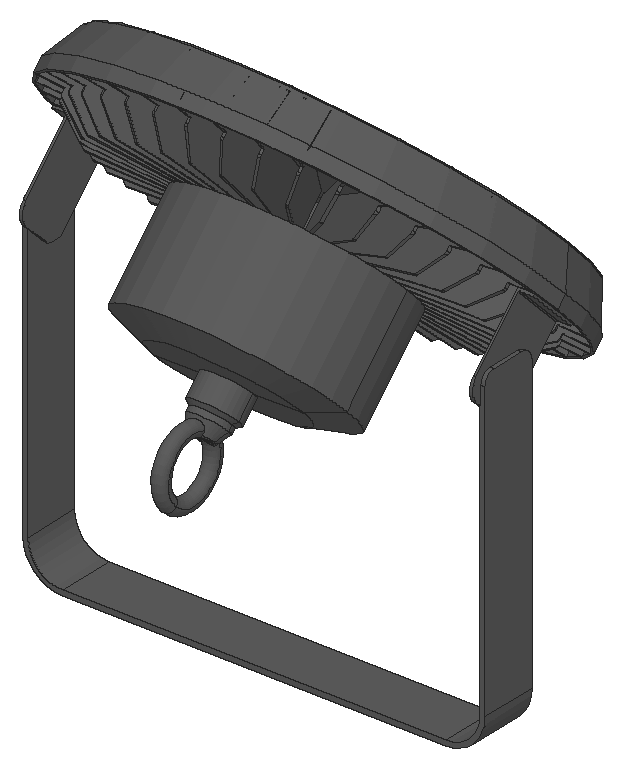
Revit family "0039351+0039354 Feilo Sylvania Lighting Fixture START HIGHBAY 6K 19KLM WIDE with BRACKET", category Lighting Fixtures, host Face, Revit 2017
Family settings
  Host = Face
  Round Connector Dimension = Use Diameter
  Part Type = Normal
  OmniClass Number = 23.80.70.00
  OmniClass Title = Lighting
  Cut with Voids When Loaded = No
  Light Source = No
  Shared = No
  Room Calculation Point = No
Parameters (values of type "0039351+0039354 START HIGHBAY 6K 19KLM WIDE with BRACKET     ")
  Weight = "3.4 kg"
  Wattage Comments = ""
  WarrantyStartDate [instance] = "n/a"
  WarrantyGuarantorParts = "n/a"
  WarrantyDurationUnit = "n/a"
  WarrantyDurationParts = "n/a"
  WarrantyDescription = "n/a"
  Voltage = 230 V
  URL = "http://www.sylvania-lighting.com"
  TypeName = "START HIGHBAY 6K 19KLM WIDE with BRACKET"
  TypeHead_FEILO = Start LED Highbay Head : 0039351+0039354 START HIGHBAY 6K 19KLM WIDE with BRACKET     
  Type Image = <None>
  Type Comments = "n/a"
  TiltAngle_FEILO [instance] = 45.00°
  ThicknessBracketPlate_FEILO = 3 mm
  SizeBracketS_FEILO = no
  SizeBracketM_FEILO = yes
  SerialNumber [instance] = "n/a"
  RadiusBracketTop_FEILO = 7 mm
  RadiusBendOut_FEILO = if(SizeBracketS_FEILO, 18 mm, if(SizeBracketM_FEILO, 24 mm, 28 mm))  # 24 mm
  RadiusBendIn_FEILO = RadiusBendOut_FEILO - ThicknessBracketPlate_FEILO  # 21 mm
  Material_3_FEILO = none
  PowerFactor = 0.95
  PowerConsumption = "150 W"
  NominalLength = 296 mm
  NominalHeight = 177 mm
  NominalDepth = 296 mm
  Name = "START HIGHBAY 6K 19KLM WIDE with BRACKET"
  ModelReference = Name  # "START HIGHBAY 6K 19KLM WIDE with BRACKET"
  ModelNumber = "0039351+0039354"
  Model = Name  # "START HIGHBAY 6K 19KLM WIDE with BRACKET"
  Material = "aluminium alloy housing, polycarbonate diffuser"
  ManufacturerName = "Feilo Sylvania"
  Manufacturer = "Feilo Sylvania"
  LuminousEfficacy = "130 lm/W"
  LuminaireType = ""
  LightOutputRatio = "n/a"
  LampsType = Lamp  # "LED"
  LampNominalLuminous = "19500 lm"
  LampMacAdamStep = "n/a"
  LampColourTemperature = "6500 K"
  LampColourRenderingIndex = "80"
  Lamp = "LED"
  Keynote = "16500"
  InstallationDate [instance] = "n/a"
  InputVoltage = "220-240V~"
  InputNominalFrequency = "50/60 Hz"
  IngressProtection = "IP65"
  ImpactProtectionIndex = "IK08"
  IfcExportType = "IfcLightFixtureType"
  IfcExportAs = "IfcLightFixtureType"
  ExpectedLife = 50000
  EndAngle_FEILO [instance] = TiltAngle_FEILO + 180.00°  # 225.00°
  ElectricShockClassification = "Class I"
  DurationUnit = "hours"
  DocumentationLiterature = "http://www.sylvania-lighting.com/product/en-int/products/0039351"
  DimmingControlOptions = "n/a"
  Material_2_FEILO = none
  Description = "START HIGHBAY, includes 1 m cables, black aluminium housing, 19500LM, 150W, 130lm/W, 6500K, Driver current: 2140mA, CR80, 60° beam angle, 1-10V dimmable,  IP65, IK08, 50,000 hrs (L70B50), (LxWxH) 296x296x177mm"
  Default Elevation = 1219.2 mm
  CreatedOn = "2/28/2018"
  CreatedBy = ""
  Cost = 0
  built-in parameter 1114216 [instance] = (empty or 0)
  ClassificationValue = "EF_70_80"
  ClassificationName = "Uniclass2015"
  Material_1_FEILO = Body-Sylvania-StartHighbay-Black
  BracketHeight_FEILO = if(SizeBracketS_FEILO, 199.5 mm, if(SizeBracketM_FEILO, 209.6 mm, 201.3 mm))  # 209.6 mm
  BracketDistanceInner_FEILO = if(SizeBracketS_FEILO, 249.4 mm, if(SizeBracketM_FEILO, 273.6 mm, 313.2 mm))  # 273.6 mm
  BarCode [instance] = "n/a"
  AssetType = "Fixed"
  AssetIdentifier [instance] = "n/a"
  Assembly Code = "D5020200"
  Apparent Load = 150 VA
  Material_4_FEILO = none
Reference planes
  plane 1 "Center (Front/Back)": y = 0
  plane 2: z = 0
  plane 3 "Center (Left/Right)": x = 0
  plane 4: x = -139.8
  plane 5: x = 139.8
  plane 6: z = 209.6
  plane 7: x = -136.8
  plane 8: z = 3
  plane 9: x = 136.8
  plane 10: y = 17.5
  plane 11: y = -17.5
  plane 12: y = -19.5
  plane 13: z = 211.6
  plane 14: y = 19.5
  plane 15: z = 200.6
Forms (mm)
  Extrusion 1, solid, material "Body-Sylvania-StartHighbay-Black" <- "Material_1_FEILO"
    sketch origin (0, 0, 0) x (1, 0, 0) y (0, 0, 1)
      loop
        line (-139.8, 209.6) -> (-139.8, 24)
        arc (-139.8, 24) -> (-132.771, 7.029) -> (-115.8, 0) r 24
        line (-115.8, 0) -> (115.8, 0)
        arc (115.8, 0) -> (132.771, 7.029) -> (139.8, 24) r 24
        line (139.8, 24) -> (139.8, 209.6) -> (136.8, 209.6) -> (136.8, 24)
        arc (136.8, 24) -> (130.649, 9.151) -> (115.8, 3) r 21
        line (115.8, 3) -> (-115.8, 3)
        arc (-115.8, 3) -> (-130.649, 9.151) -> (-136.8, 24) r 21
        line (-136.8, 24) -> (-136.8, 209.6) -> (-139.8, 209.6)
    from -17.5 to 17.5
  Extrusion 2, void
    sketch origin (0, 0, 0) x (0, 1, 0) y (0, 0, 1)
      loop
        arc (10.5, 209.6) -> (15.45, 207.55) -> (17.5, 202.6) r 7
        line (17.5, 202.6) -> (19.5, 202.6) -> (19.5, 211.6) -> (-19.5, 211.6) -> (-19.5, 202.6) -> (-17.5, 202.6)
        arc (-17.5, 202.6) -> (-15.45, 207.55) -> (-10.5, 209.6) r 7
        line (-10.5, 209.6) -> (10.5, 209.6)
    from -139.8 to 139.8
  Revolve 3, solid, not visible
    sketch origin (1223.4, -4572, 200.6) x (0, -1, 0) y (1, 0, 0)
      loop
        line (-4572, -1223.4) -> (-4591.5, -1223.4) -> (-4591.5, -1277.783) -> (-4572, -1277.783) -> (-4572, -1223.4)
      axis (-4572, -1223.4) -> (-4572, -1277.783)
    angle from 45 <- "TiltAngle_FEILO" to 225 <- "EndAngle_FEILO"
Cuts and joins
  Extrusion 2 cuts Extrusion 1
Dimensions and locks
  "BracketHeight_FEILO": plane 6 to plane 2
  equal spacing: plane 11, plane 1 "Center (Front/Back)", plane 10
  locked: plane 11 to plane 10 at 35
  equal spacing: plane 9, plane 3 "Center (Left/Right)", plane 7
  "BracketDistanceInner_FEILO": plane 9 to plane 7
  "ThicknessBracketPlate_FEILO": plane 7 to plane 4
  "ThicknessBracketPlate_FEILO": plane 8 to plane 2
  equal spacing: plane 5, plane 3 "Center (Left/Right)", plane 4
  equal spacing: plane 12, plane 1 "Center (Front/Back)", plane 14
  locked: plane 6 to plane 13 at 2
  locked: plane 12 to plane 11 at 2
  locked: plane 6 to plane 15 at 9
  "RadiusBendOut_FEILO": radius of Extrusion 1 sketch curve  (x2)
  "RadiusBendIn_FEILO": radius of Extrusion 1 sketch curve  (x2)
  "RadiusBracketTop_FEILO": radius of Extrusion 2 sketch curve  (x2)
  aligned and locked: plane 2 to host face
  aligned and locked: level to host face
  aligned and locked: Extrusion 1 sketch curve to plane 4
  aligned and locked: Extrusion 1 sketch curve to level
  aligned and locked: plane 6 to Extrusion 1 sketch curve
  aligned and locked: Extrusion 1 sketch curve to plane 6
  aligned and locked: Extrusion 1 sketch curve to plane 7
  aligned and locked: plane 9 to Extrusion 1 sketch curve
  aligned and locked: plane 8 to Extrusion 1 sketch curve
  aligned and locked: Extrusion 1 to plane 10
  aligned and locked: plane 11 to Extrusion 1
  aligned and locked: Extrusion 1 to Extrusion 2 sketch curve
  aligned and locked: plane 14 to Extrusion 2 sketch curve  (x2)
  aligned and locked: Extrusion 2 sketch curve to plane 12
  aligned and locked: plane 13 to Extrusion 2 sketch curve
  aligned and locked: plane 5 to Extrusion 2
  aligned and locked: Extrusion 2 to plane 4
  aligned and locked: Revolve 3 sketch curve to plane 1 "Center (Front/Back)"
  aligned and locked: Revolve 3 sketch curve to Revolve 3 sketch curve
  aligned and locked: plane 3 "Center (Left/Right)" to Revolve 3 sketch curve
  aligned and locked: Revolve 3 sketch curve to plane 14
  aligned and locked: nested 1 to plane 3 "Center (Left/Right)"
Automatic sketch dimensions
  host sketch curve to host sketch curve = 2438.4 mm  (x2)
  Revolve 3 sketch curve to Revolve 3 sketch curve = 54.383 mm
  Revolve 3 sketch curve to plane 4 = 1396.3 mm
  plane 5 to Revolve 3 sketch curve = 1396.3 mm
  Extrusion 1 sketch curve to Extrusion 1 sketch curve = 0 mm
  Extrusion 2 sketch curve to plane 11 = 0 mm
  Extrusion 2 sketch curve to plane 10 = 0 mm
Nested families
  nested 1: "Start LED Highbay Head" at (0, 0, 200.6) x (-1, 0, 0) z (0, 0.7071, 0.7071), type <- "TypeHead_FEILO", type "0039351+0039354 START HIGHBAY 6K 19KLM WIDE with BRACKET     "
    with built-in parameter 1114216 (empty or 0)
Connectors
  electrical at (0, 0, 0), driven by "Apparent Load", driven by "PowerFactor", driven by "Voltage"
    settings: index 1, voltage 230 V, apparent load 150 VA, apparent load phase1 0 VA, apparent load phase2 0 VA, apparent load phase3 0 VA, power factor 0.95, load classification "Lighting", number of poles 1, system type 30, power factor state 1, is connector primary yes, connector utility no, sub classification motor no, connector description ""
Definition of nested family "Start LED Highbay Head"
  Parameters (values of type "0039351+0039354+0039358 START HIGHBAY 6K 19KLM WIDE with BRACKET and PC LAMPSHADE TRANSPARENT ")
    X_FEILO = if(SizeS_FEILO, 60.3 mm, if(SizeM_FEILO, 70.4 mm, 83.5 mm))  # 70.4 mm
    WidthStraight_FEILO = if(SizeS_FEILO, 3 mm, if(SizeM_FEILO, 4 mm, 4.7 mm))  # 4 mm
    WidthRingChamfer_FEILO = if(SizeS_FEILO, 10.3 mm, if(SizeM_FEILO, 11.2 mm, 12.9 mm))  # 11.2 mm
    WidthCurved_FEILO = if(SizeS_FEILO, 17.4 mm, if(SizeM_FEILO, 16.4 mm, 26.2 mm))  # 16.4 mm
    WidthCurvedRing_FEILO = if(SizeS_FEILO, 3 mm, if(SizeM_FEILO, 4 mm, 4.7 mm))  # 4 mm
    WidthBracket_FEILO = 40 mm
    Wattage Comments = ""
    Wattage = 150 W
    built-in parameter 1150110 = 1 (stored number, unit not read)
    URL = "http://www.feilosylvania.com"
    Type Image = (empty or 0)
    Type Comments = "n/a"
    built-in parameter 1114217 = 1 (stored number, unit not read)
    Tilt Angle = -90.00°
    ThicknessWall_FEILO = 1.5 mm
    ThicknessBracket_FEILO = 1.5 mm
    ThicknessBracketHalf_FEILO = ThicknessBracket_FEILO / 2  # 0.75 mm
    built-in parameter 1150109 = 1 (stored number, unit not read)
    built-in parameter 1150134 = 1
    built-in parameter 1150113 = 1 (stored number, unit not read)
    SizeS_FEILO = no
    SizeM_FEILO = yes
    ShadeThickness_FEILO = 3 mm
    ShadeSizeSM_FEILO = or(SizeS_FEILO, SizeM_FEILO)  # yes
    ShadeRadiusOut_FEILO = 205 mm
    ShadeRadiusIn_FEILO = if(ShadeSizeSM_FEILO, 95 mm, 121 mm)  # 95 mm
    ShadeRadiusBend_FEILO = if(ShadeSizeSM_FEILO, 210 mm, 210 mm)  # 210 mm
    ShadeOn_FEILO = yes
    ShadeHeight_FEILO = if(ShadeSizeSM_FEILO, 120 mm, 151 mm)  # 120 mm
    Rib4_FEILO = if(SizeS_FEILO, 18.1 mm, if(SizeM_FEILO, 13.6 mm, 14.6 mm))  # 13.6 mm
    Rib3_FEILO = if(SizeS_FEILO, 15.3 mm, if(SizeM_FEILO, 17.6 mm, 20.2 mm))  # 17.6 mm
    Rib2_FEILO = if(SizeS_FEILO, 3.6 mm, if(SizeM_FEILO, 3.9 mm, 4.5 mm))  # 3.9 mm
    Rib1_FEILO = if(SizeS_FEILO, 15.1 mm, if(SizeM_FEILO, 16.5 mm, 19 mm))  # 16.5 mm
    RadiusDiffuser_FEILO = if(SizeS_FEILO, 95.2 mm, if(SizeM_FEILO, 105.3 mm, 120 mm))  # 105.3 mm
    RadiusArrayPost_FEILO = DriverRadius_FEILO - 6 mm  # 61.2 mm
    RHRadius3_FEILO = if(SizeS_FEILO, 6.6 mm, if(SizeM_FEILO, 7.4 mm, 8.6 mm))  # 7.4 mm
    RHRadius2_FEILO = if(SizeS_FEILO, 11 mm, if(SizeM_FEILO, 12 mm, 14 mm))  # 12 mm
    RHRadius1_FEILO = if(SizeS_FEILO, 13.6 mm, if(SizeM_FEILO, 14.9 mm, 17.7 mm))  # 14.9 mm
    RHHeight4_FEILO = if(SizeS_FEILO, 7.3 mm, if(SizeM_FEILO, 8 mm, 9.2 mm))  # 8 mm
    RHHeight3_FEILO = if(SizeS_FEILO, 3.6 mm, if(SizeM_FEILO, 3.7 mm, 4.6 mm))  # 3.7 mm
    RHHeight2_FEILO = if(SizeS_FEILO, 2 mm, if(SizeM_FEILO, 2.2 mm, 2.6 mm))  # 2.2 mm
    RHHeight1_FEILO = if(SizeS_FEILO, 11.8 mm, if(SizeM_FEILO, 15.3 mm, 17.4 mm))  # 15.3 mm
    Photometric Web File = "0039351+0039358.ies"
    Material_5_FEILO = none
    Material_3_FEILO = none
    Model = "START HIGHBAY 6K 19KLM WIDE with BRACKET and PC LAMPSHADE TRANSPARENT"
    Manufacturer = "Feilo Sylvania"
    built-in parameter 1150105 = 10854.2 (stored number, unit not read)
    Lumens = 19500 lm
    built-in parameter 1150115 = 1 (stored number, unit not read)
    built-in parameter 1150137 = (empty or 0)
    built-in parameter 1150139 = (empty or 0)
    built-in parameter 1150112 = 1 (stored number, unit not read)
    built-in parameter 1150114 = 1 (stored number, unit not read)
    Lamp = "LED"
    Keynote = "16500"
    built-in parameter 1150132 = (empty or 0)
    built-in parameter 1150102 = (empty or 0)
    built-in parameter 1150107 = 6500 (stored number, unit not read)
    built-in parameter 1150138 = (empty or 0)
    built-in parameter 1150106 = 108.54 (stored number, unit not read)
    HeightRing_FEILO = if(SizeS_FEILO, 19.8 mm, if(SizeM_FEILO, 32 mm, 36.8 mm))  # 32 mm
    HeightRingChamfer_FEILO = if(SizeS_FEILO, 11.7 mm, if(SizeM_FEILO, 23.2 mm, 26.6 mm))  # 23.2 mm
    EyeThickness_FEILO = if(SizeS_FEILO, 8.4 mm, if(SizeM_FEILO, 9.2 mm, 10.5 mm))  # 9.2 mm
    EyeThicknessHalf_FEILO = EyeThickness_FEILO / 2  # 4.6 mm
    EyeInner_FEILO = if(SizeS_FEILO, 13.8 mm, if(SizeM_FEILO, 15.1 mm, 17.3 mm))  # 15.1 mm
    Emit from Circle Diameter = RadiusDiffuser_FEILO * 2  # 210.6 mm
    Emit Shape Visible in Rendering = no
    built-in parameter 1150104 = 12.077 (stored number, unit not read)
    DriverVerticalStraight_FEILO = if(SizeS_FEILO, 46.5 mm, if(SizeM_FEILO, 49.7 mm, 57 mm))  # 49.7 mm
    DriverVerticalChamfer_FEILO = if(SizeS_FEILO, 7.5 mm, if(SizeM_FEILO, 8.2 mm, 9.5 mm))  # 8.2 mm
    DriverRadius_FEILO = if(SizeS_FEILO, 61.4 mm, if(SizeM_FEILO, 67.2 mm, 76.4 mm))  # 67.2 mm
    DriverRadiusTop_FEILO = if(SizeS_FEILO, 42 mm, if(SizeM_FEILO, 45.3 mm, 52.4 mm))  # 45.3 mm
    DriverBottom_FEILO = if(SizeS_FEILO, 56 mm, if(SizeM_FEILO, 64.5 mm, 74 mm))  # 64.5 mm
    Material_2_FEILO = none
    Radius_FEILO = if(SizeS_FEILO, 135 mm, if(SizeM_FEILO, 148 mm, 169.5 mm))  # 148 mm
    Dimming Lamp Color Temperature Shift = (empty or 0)
    DiameterWire_FEILO = 3 mm
    DiameterWireSupport_FEILO = 10 mm
    Description = "START HIGHBAY, includes 1 m cables, black aluminium housing, 19500LM, 150W, 130lm/W, 6500K, Driver current: 2140mA, CR80, 60° beam angle, 1-10V dimmable,  IP65, IK08, 50,000 hrs (L70B50), (LxWxH) 296x296x177mm"
    Default Elevation = 1219.2 mm
    Cost = 0
    Color Filter = 16777215
    built-in parameter 1114216 [instance] = (empty or 0)
    Material_1_FEILO = none
    built-in parameter 1114218 = 1 (stored number, unit not read)
    built-in parameter 1150133 = 10 (stored number, unit not read)
    Assembly Code = "D5020200"
    Apparent Load = 150 VA
    Material_4_FEILO = none
  Types (36, lengths in mm): name | X_FEILO | WidthStraight_FEILO | WidthRingChamfer_FEILO | WidthCurved_FEILO | WidthCurvedRing_FEILO | Wattage | built-in parameter 1150134 | SizeS_FEILO | SizeM_FEILO | ShadeSizeSM_FEILO | ShadeRadiusIn_FEILO | ShadeOn_FEILO | ShadeHeight_FEILO | Rib4_FEILO | Rib3_FEILO | Rib2_FEILO | Rib1_FEILO | RadiusDiffuser_FEILO | RadiusArrayPost_FEILO | RHRadius3_FEILO | RHRadius2_FEILO | RHRadius1_FEILO | RHHeight4_FEILO | RHHeight3_FEILO | RHHeight2_FEILO | RHHeight1_FEILO | Photometric Web File | Model | built-in parameter 1150105 | Lumens | built-in parameter 1150107 | built-in parameter 1150106 | HeightRing_FEILO | HeightRingChamfer_FEILO | EyeThickness_FEILO | EyeThicknessHalf_FEILO | EyeInner_FEILO | Emit from Circle Diameter | DriverVerticalStraight_FEILO | DriverVerticalChamfer_FEILO | DriverRadius_FEILO | DriverRadiusTop_FEILO | DriverBottom_FEILO | Radius_FEILO | Description | Apparent Load
    0039352+0039355+0039361 START HIGHBAY 6K 26KLM WIDE with BRACKET and PC LAMPSHADE TRANSPARENT | 83.5 | 4.7 | 12.9 | 26.2 | 4.7 | 200 W | 1 | no | no | no | 121 | yes | 151 | 14.6 | 20.2 | 4.5 | 19 | 120 | 70.4 | 8.6 | 14 | 17.7 | 9.2 | 4.6 | 2.6 | 17.4 | "0039352+0039361.ies" | "START HIGHBAY 6K 26KLM WIDE with BRACKET and PC LAMPSHADE TRANSPARENT" | 17911 (stored number, unit not read) | 26000 lm | 6500 (stored number, unit not read) | 179.11 (stored number, unit not read) | 36.8 | 26.6 | 10.5 | 5.25 | 17.3 | 240 | 57 | 9.5 | 76.4 | 52.4 | 74 | 169.5 | "START HIGHBAY, includes 1 m cables, black aluminium housing, 26000LM, 200W, 130lm/W, 6500K, Driver current: 5000mA, CR80, 60° beam angle, 1-10V dimmable,  IP65, IK08, 50,000 hrs (L70B50), (LxWxH) 339x339x194mm" | 200 VA
    0039352+0039355+0039360 START HIGHBAY 6K 26KLM WIDE with BRACKET and ALU SHADE BLACK COLOR | 83.5 | 4.7 | 12.9 | 26.2 | 4.7 | 200 W | 1 | no | no | no | 121 | yes | 151 | 14.6 | 20.2 | 4.5 | 19 | 120 | 70.4 | 8.6 | 14 | 17.7 | 9.2 | 4.6 | 2.6 | 17.4 | "0039352+0039360.ies" | "START HIGHBAY 6K 26KLM WIDE with BRACKET and ALU SHADE BLACK COLOR" | 14870 (stored number, unit not read) | 26000 lm | 6500 (stored number, unit not read) | 148.7 (stored number, unit not read) | 36.8 | 26.6 | 10.5 | 5.25 | 17.3 | 240 | 57 | 9.5 | 76.4 | 52.4 | 74 | 169.5 | "START HIGHBAY, includes 1 m cables, black aluminium housing, 26000LM, 200W, 130lm/W, 6500K, Driver current: 5000mA, CR80, 60° beam angle, 1-10V dimmable,  IP65, IK08, 50,000 hrs (L70B50), (LxWxH) 339x339x194mm" | 200 VA
    0039352+0039355+0039359 START HIGHBAY 6K 26KLM WIDE with BRACKET and ALU SHADE ALU COLOR | 83.5 | 4.7 | 12.9 | 26.2 | 4.7 | 200 W | 1 | no | no | no | 121 | yes | 151 | 14.6 | 20.2 | 4.5 | 19 | 120 | 70.4 | 8.6 | 14 | 17.7 | 9.2 | 4.6 | 2.6 | 17.4 | "0039352+0039359.ies" | "START HIGHBAY 6K 26KLM WIDE with BRACKET and ALU SHADE ALU COLOR" | 14870 (stored number, unit not read) | 26000 lm | 6500 (stored number, unit not read) | 148.7 (stored number, unit not read) | 36.8 | 26.6 | 10.5 | 5.25 | 17.3 | 240 | 57 | 9.5 | 76.4 | 52.4 | 74 | 169.5 | "START HIGHBAY, includes 1 m cables, black aluminium housing, 26000LM, 200W, 130lm/W, 6500K, Driver current: 5000mA, CR80, 60° beam angle, 1-10V dimmable,  IP65, IK08, 50,000 hrs (L70B50), (LxWxH) 339x339x194mm" | 200 VA
    0039352+0039355 START HIGHBAY 6K 26KLM WIDE with BRACKET | 83.5 | 4.7 | 12.9 | 26.2 | 4.7 | 200 W | 1 | no | no | no | 121 | no | 151 | 14.6 | 20.2 | 4.5 | 19 | 120 | 70.4 | 8.6 | 14 | 17.7 | 9.2 | 4.6 | 2.6 | 17.4 | "0039352.ies" | "START HIGHBAY 6K 26KLM WIDE with BRACKET" | 13836.2 (stored number, unit not read) | 26000 lm | 6500 (stored number, unit not read) | 138.36 (stored number, unit not read) | 36.8 | 26.6 | 10.5 | 5.25 | 17.3 | 240 | 57 | 9.5 | 76.4 | 52.4 | 74 | 169.5 | "START HIGHBAY, includes 1 m cables, black aluminium housing, 26000LM, 200W, 130lm/W, 6500K, Driver current: 5000mA, CR80, 60° beam angle, 1-10V dimmable,  IP65, IK08, 50,000 hrs (L70B50), (LxWxH) 339x339x194mm" | 200 VA
    0039351+0039354+0039358 START HIGHBAY 6K 19KLM WIDE with BRACKET and PC LAMPSHADE TRANSPARENT | 70.4 | 4 | 11.2 | 16.4 | 4 | 150 W | 1 | no | yes | yes | 95 | yes | 120 | 13.6 | 17.6 | 3.9 | 16.5 | 105.3 | 61.2 | 7.4 | 12 | 14.9 | 8 | 3.7 | 2.2 | 15.3 | "0039351+0039358.ies" | "START HIGHBAY 6K 19KLM WIDE with BRACKET and PC LAMPSHADE TRANSPARENT" | 10854.2 (stored number, unit not read) | 19500 lm | 6500 (stored number, unit not read) | 108.54 (stored number, unit not read) | 32 | 23.2 | 9.2 | 4.6 | 15.1 | 210.6 | 49.7 | 8.2 | 67.2 | 45.3 | 64.5 | 148 | "START HIGHBAY, includes 1 m cables, black aluminium housing, 19500LM, 150W, 130lm/W, 6500K, Driver current: 2140mA, CR80, 60° beam angle, 1-10V dimmable,  IP65, IK08, 50,000 hrs (L70B50), (LxWxH) 296x296x177mm" | 150 VA
    0039351+0039354+0039357 START HIGHBAY 6K 19KLM WIDE with BRACKET and ALU SHADE BLACK COLOR | 70.4 | 4 | 11.2 | 16.4 | 4 | 150 W | 1 | no | yes | yes | 95 | yes | 120 | 13.6 | 17.6 | 3.9 | 16.5 | 105.3 | 61.2 | 7.4 | 12 | 14.9 | 8 | 3.7 | 2.2 | 15.3 | "0039351+0039357.ies" | "START HIGHBAY 6K 19KLM WIDE with BRACKET and ALU SHADE BLACK COLOR" | 11152.5 (stored number, unit not read) | 19500 lm | 6500 (stored number, unit not read) | 111.52 (stored number, unit not read) | 32 | 23.2 | 9.2 | 4.6 | 15.1 | 210.6 | 49.7 | 8.2 | 67.2 | 45.3 | 64.5 | 148 | "START HIGHBAY, includes 1 m cables, black aluminium housing, 19500LM, 150W, 130lm/W, 6500K, Driver current: 2140mA, CR80, 60° beam angle, 1-10V dimmable,  IP65, IK08, 50,000 hrs (L70B50), (LxWxH) 296x296x177mm" | 150 VA
    0039351+0039354+0039356 START HIGHBAY 6K 19KLM WIDE with BRACKET and ALU SHADE ALU COLOR | 70.4 | 4 | 11.2 | 16.4 | 4 | 150 W | 1 | no | yes | yes | 95 | yes | 120 | 13.6 | 17.6 | 3.9 | 16.5 | 105.3 | 61.2 | 7.4 | 12 | 14.9 | 8 | 3.7 | 2.2 | 15.3 | "0039351+0039356.ies" | "START HIGHBAY 6K 19KLM WIDE with BRACKET and ALU SHADE ALU COLOR" | 11152.5 (stored number, unit not read) | 19500 lm | 6500 (stored number, unit not read) | 111.52 (stored number, unit not read) | 32 | 23.2 | 9.2 | 4.6 | 15.1 | 210.6 | 49.7 | 8.2 | 67.2 | 45.3 | 64.5 | 148 | "START HIGHBAY, includes 1 m cables, black aluminium housing, 19500LM, 150W, 130lm/W, 6500K, Driver current: 2140mA, CR80, 60° beam angle, 1-10V dimmable,  IP65, IK08, 50,000 hrs (L70B50), (LxWxH) 296x296x177mm" | 150 VA
    0039351+0039354 START HIGHBAY 6K 19KLM WIDE with BRACKET | 70.4 | 4 | 11.2 | 16.4 | 4 | 150 W | 1 | no | yes | yes | 95 | no | 120 | 13.6 | 17.6 | 3.9 | 16.5 | 105.3 | 61.2 | 7.4 | 12 | 14.9 | 8 | 3.7 | 2.2 | 15.3 | "0039351.ies" | "START HIGHBAY 6K 19KLM WIDE with BRACKET" | 10377.1 (stored number, unit not read) | 19500 lm | 6500 (stored number, unit not read) | 103.77 (stored number, unit not read) | 32 | 23.2 | 9.2 | 4.6 | 15.1 | 210.6 | 49.7 | 8.2 | 67.2 | 45.3 | 64.5 | 148 | "START HIGHBAY, includes 1 m cables, black aluminium housing, 19500LM, 150W, 130lm/W, 6500K, Driver current: 2140mA, CR80, 60° beam angle, 1-10V dimmable,  IP65, IK08, 50,000 hrs (L70B50), (LxWxH) 296x296x177mm" | 150 VA
    0039350+0039353+0039358 START HIGHBAY 6K 13KLM WIDE with BRACKET and PC LAMPSHADE TRANSPARENT | 60.3 | 3 | 10.3 | 17.4 | 3 | 100 W | 1 | yes | no | yes | 95 | yes | 120 | 18.1 | 15.3 | 3.6 | 15.1 | 95.2 | 55.4 | 6.6 | 11 | 13.6 | 7.3 | 3.6 | 2 | 11.8 | "0039350+0039358.ies" | "START HIGHBAY 6K 13KLM WIDE with BRACKET and PC LAMPSHADE TRANSPARENT" | 7236.1 (stored number, unit not read) | 13000 lm | 6500 (stored number, unit not read) | 72.361 (stored number, unit not read) | 19.8 | 11.7 | 8.4 | 4.2 | 13.8 | 190.4 | 46.5 | 7.5 | 61.4 | 42 | 56 | 135 | "START HIGHBAY, includes 1 m cables, black aluminium housing, 13000LM, 100W, 130lm/W, 6500K, Driver current: 2140mA, CR80, 60° beam angle, 1-10V dimmable,  IP65, IK08, 50,000 hrs (L70B50), (LxWxH) 270x270x170mm" | 100 VA
    0039350+0039353+0039357 START HIGHBAY 6K 13KLM WIDE with BRACKET and ALU SHADE BLACK COLOR | 60.3 | 3 | 10.3 | 17.4 | 3 | 100 W | 1 | yes | no | yes | 95 | yes | 120 | 18.1 | 15.3 | 3.6 | 15.1 | 95.2 | 55.4 | 6.6 | 11 | 13.6 | 7.3 | 3.6 | 2 | 11.8 | "0039350+0039357.ies" | "START HIGHBAY 6K 13KLM WIDE with BRACKET and ALU SHADE BLACK COLOR" | 7435 (stored number, unit not read) | 13000 lm | 6500 (stored number, unit not read) | 74.35 (stored number, unit not read) | 19.8 | 11.7 | 8.4 | 4.2 | 13.8 | 190.4 | 46.5 | 7.5 | 61.4 | 42 | 56 | 135 | "START HIGHBAY, includes 1 m cables, black aluminium housing, 13000LM, 100W, 130lm/W, 6500K, Driver current: 2140mA, CR80, 60° beam angle, 1-10V dimmable,  IP65, IK08, 50,000 hrs (L70B50), (LxWxH) 270x270x170mm" | 100 VA
    0039350+0039353+0039356 START HIGHBAY 6K 13KLM WIDE with BRACKET and ALU SHADE ALU COLOR | 60.3 | 3 | 10.3 | 17.4 | 3 | 100 W | 1 | yes | no | yes | 95 | yes | 120 | 18.1 | 15.3 | 3.6 | 15.1 | 95.2 | 55.4 | 6.6 | 11 | 13.6 | 7.3 | 3.6 | 2 | 11.8 | "0039350+0039356.ies" | "START HIGHBAY 6K 13KLM WIDE with BRACKET and ALU SHADE ALU COLOR" | 7435 (stored number, unit not read) | 13000 lm | 6500 (stored number, unit not read) | 74.35 (stored number, unit not read) | 19.8 | 11.7 | 8.4 | 4.2 | 13.8 | 190.4 | 46.5 | 7.5 | 61.4 | 42 | 56 | 135 | "START HIGHBAY, includes 1 m cables, black aluminium housing, 13000LM, 100W, 130lm/W, 6500K, Driver current: 2140mA, CR80, 60° beam angle, 1-10V dimmable,  IP65, IK08, 50,000 hrs (L70B50), (LxWxH) 270x270x170mm" | 100 VA
    0039350+0039353 START HIGHBAY 6K 13KLM WIDE with BRACKET | 60.3 | 3 | 10.3 | 17.4 | 3 | 100 W | 1 | yes | no | yes | 95 | no | 120 | 18.1 | 15.3 | 3.6 | 15.1 | 95.2 | 55.4 | 6.6 | 11 | 13.6 | 7.3 | 3.6 | 2 | 11.8 | "0039350.ies" | "START HIGHBAY 6K 13KLM WIDE with BRACKET" | 6918.1 (stored number, unit not read) | 13000 lm | 6500 (stored number, unit not read) | 69.181 (stored number, unit not read) | 19.8 | 11.7 | 8.4 | 4.2 | 13.8 | 190.4 | 46.5 | 7.5 | 61.4 | 42 | 56 | 135 | "START HIGHBAY, includes 1 m cables, black aluminium housing, 13000LM, 100W, 130lm/W, 6500K, Driver current: 2140mA, CR80, 60° beam angle, 1-10V dimmable,  IP65, IK08, 50,000 hrs (L70B50), (LxWxH) 270x270x170mm" | 100 VA
    0039349+0039355+0039361 START HIGHBAY 4K 26KLM WIDE with BRACKET and PC LAMPSHADE TRANSPARENT FOR | 83.5 | 4.7 | 12.9 | 26.2 | 4.7 | 200 W | 12 | no | no | no | 121 | yes | 151 | 14.6 | 20.2 | 4.5 | 19 | 120 | 70.4 | 8.6 | 14 | 17.7 | 9.2 | 4.6 | 2.6 | 17.4 | "0039349+0039361.ies" | "START HIGHBAY 4K 26KLM WIDE with BRACKET and PC LAMPSHADE TRANSPARENT FOR" | 17911 (stored number, unit not read) | 26000 lm | 4000 (stored number, unit not read) | 179.11 (stored number, unit not read) | 36.8 | 26.6 | 10.5 | 5.25 | 17.3 | 240 | 57 | 9.5 | 76.4 | 52.4 | 74 | 169.5 | "START HIGHBAY, includes 1 m cables, black aluminium housing, 26000LM, 200W, 130lm/W, 4000K, Driver current: 5000mA, CR80, 90° beam angle, 1-10V dimmable,  IP65, IK08, 50,000 hrs (L70B50), (LxWxH) 339x339x194mm" | 200 VA
    0039349+0039355+0039360 START HIGHBAY 4K 26KLM WIDE with BRACKET and ALU SHADE BLACK COLOR | 83.5 | 4.7 | 12.9 | 26.2 | 4.7 | 200 W | 12 | no | no | no | 121 | yes | 151 | 14.6 | 20.2 | 4.5 | 19 | 120 | 70.4 | 8.6 | 14 | 17.7 | 9.2 | 4.6 | 2.6 | 17.4 | "0039349+0039360.ies" | "START HIGHBAY 4K 26KLM WIDE with BRACKET and ALU SHADE BLACK COLOR" | 14870 (stored number, unit not read) | 26000 lm | 4000 (stored number, unit not read) | 148.7 (stored number, unit not read) | 36.8 | 26.6 | 10.5 | 5.25 | 17.3 | 240 | 57 | 9.5 | 76.4 | 52.4 | 74 | 169.5 | "START HIGHBAY, includes 1 m cables, black aluminium housing, 26000LM, 200W, 130lm/W, 4000K, Driver current: 5000mA, CR80, 90° beam angle, 1-10V dimmable,  IP65, IK08, 50,000 hrs (L70B50), (LxWxH) 339x339x194mm" | 200 VA
    0039349+0039355+0039359 START HIGHBAY 4K 26KLM WIDE with BRACKET and ALU SHADE ALU COLOR | 83.5 | 4.7 | 12.9 | 26.2 | 4.7 | 200 W | 12 | no | no | no | 121 | yes | 151 | 14.6 | 20.2 | 4.5 | 19 | 120 | 70.4 | 8.6 | 14 | 17.7 | 9.2 | 4.6 | 2.6 | 17.4 | "0039349+0039359.ies" | "START HIGHBAY 4K 26KLM WIDE with BRACKET and ALU SHADE ALU COLOR" | 14870 (stored number, unit not read) | 26000 lm | 4000 (stored number, unit not read) | 148.7 (stored number, unit not read) | 36.8 | 26.6 | 10.5 | 5.25 | 17.3 | 240 | 57 | 9.5 | 76.4 | 52.4 | 74 | 169.5 | "START HIGHBAY, includes 1 m cables, black aluminium housing, 26000LM, 200W, 130lm/W, 4000K, Driver current: 5000mA, CR80, 90° beam angle, 1-10V dimmable,  IP65, IK08, 50,000 hrs (L70B50), (LxWxH) 339x339x194mm" | 200 VA
    0039349+0039355 START HIGHBAY 4K 26KLM WIDE with BRACKET | 83.5 | 4.7 | 12.9 | 26.2 | 4.7 | 200 W | 12 | no | no | no | 121 | no | 151 | 14.6 | 20.2 | 4.5 | 19 | 120 | 70.4 | 8.6 | 14 | 17.7 | 9.2 | 4.6 | 2.6 | 17.4 | "0039349.ies" | "START HIGHBAY 4K 26KLM WIDE with BRACKET" | 13836.2 (stored number, unit not read) | 26000 lm | 4000 (stored number, unit not read) | 138.36 (stored number, unit not read) | 36.8 | 26.6 | 10.5 | 5.25 | 17.3 | 240 | 57 | 9.5 | 76.4 | 52.4 | 74 | 169.5 | "START HIGHBAY, includes 1 m cables, black aluminium housing, 26000LM, 200W, 130lm/W, 4000K, Driver current: 5000mA, CR80, 90° beam angle, 1-10V dimmable,  IP65, IK08, 50,000 hrs (L70B50), (LxWxH) 339x339x194mm" | 200 VA
    0039348+0039354+0039358 START HIGHBAY 4K 19KLM WIDE with BRACKET and PC LAMPSHADE TRANSPARENT | 70.4 | 4 | 11.2 | 16.4 | 4 | 150 W | 12 | no | yes | yes | 95 | yes | 120 | 13.6 | 17.6 | 3.9 | 16.5 | 105.3 | 61.2 | 7.4 | 12 | 14.9 | 8 | 3.7 | 2.2 | 15.3 | "0039348+0039358.ies" | "START HIGHBAY 4K 19KLM WIDE with BRACKET and PC LAMPSHADE TRANSPARENT" | 10854.2 (stored number, unit not read) | 19500 lm | 4000 (stored number, unit not read) | 108.54 (stored number, unit not read) | 32 | 23.2 | 9.2 | 4.6 | 15.1 | 210.6 | 49.7 | 8.2 | 67.2 | 45.3 | 64.5 | 148 | "START HIGHBAY, includes 1 m cables, black aluminium housing, 19500LM, 150W, 130lm/W, 4000K, Driver current: 3210mA, CR80, 90° beam angle, 1-10V dimmable,  IP65, IK08, 50,000 hrs (L70B50), (LxWxH) 296x296x177mm" | 150 VA
    0039348+0039354+0039357 START HIGHBAY 4K 19KLM WIDE with BRACKET and ALU SHADE BLACK COLOR | 70.4 | 4 | 11.2 | 16.4 | 4 | 150 W | 12 | no | yes | yes | 95 | yes | 120 | 13.6 | 17.6 | 3.9 | 16.5 | 105.3 | 61.2 | 7.4 | 12 | 14.9 | 8 | 3.7 | 2.2 | 15.3 | "0039348+0039357.ies" | "START HIGHBAY 4K 19KLM WIDE with BRACKET and ALU SHADE BLACK COLOR" | 11152.5 (stored number, unit not read) | 19500 lm | 4000 (stored number, unit not read) | 111.52 (stored number, unit not read) | 32 | 23.2 | 9.2 | 4.6 | 15.1 | 210.6 | 49.7 | 8.2 | 67.2 | 45.3 | 64.5 | 148 | "START HIGHBAY, includes 1 m cables, black aluminium housing, 19500LM, 150W, 130lm/W, 4000K, Driver current: 3210mA, CR80, 90° beam angle, 1-10V dimmable,  IP65, IK08, 50,000 hrs (L70B50), (LxWxH) 296x296x177mm" | 150 VA
    0039348+0039354+0039356 START HIGHBAY 4K 19KLM WIDE with BRACKET and ALU SHADE ALU COLOR | 70.4 | 4 | 11.2 | 16.4 | 4 | 150 W | 12 | no | yes | yes | 95 | yes | 120 | 13.6 | 17.6 | 3.9 | 16.5 | 105.3 | 61.2 | 7.4 | 12 | 14.9 | 8 | 3.7 | 2.2 | 15.3 | "0039348+0039356.ies" | "START HIGHBAY 4K 19KLM WIDE with BRACKET and ALU SHADE ALU COLOR" | 11152.5 (stored number, unit not read) | 19500 lm | 4000 (stored number, unit not read) | 111.52 (stored number, unit not read) | 32 | 23.2 | 9.2 | 4.6 | 15.1 | 210.6 | 49.7 | 8.2 | 67.2 | 45.3 | 64.5 | 148 | "START HIGHBAY, includes 1 m cables, black aluminium housing, 19500LM, 150W, 130lm/W, 4000K, Driver current: 3210mA, CR80, 90° beam angle, 1-10V dimmable,  IP65, IK08, 50,000 hrs (L70B50), (LxWxH) 296x296x177mm" | 150 VA
    0039348+0039354 START HIGHBAY 4K 19KLM WIDE with BRACKET | 70.4 | 4 | 11.2 | 16.4 | 4 | 150 W | 12 | no | yes | yes | 95 | no | 120 | 13.6 | 17.6 | 3.9 | 16.5 | 105.3 | 61.2 | 7.4 | 12 | 14.9 | 8 | 3.7 | 2.2 | 15.3 | "0039348.ies" | "START HIGHBAY 4K 19KLM WIDE with BRACKET" | 10377.1 (stored number, unit not read) | 19500 lm | 4000 (stored number, unit not read) | 103.77 (stored number, unit not read) | 32 | 23.2 | 9.2 | 4.6 | 15.1 | 210.6 | 49.7 | 8.2 | 67.2 | 45.3 | 64.5 | 148 | "START HIGHBAY, includes 1 m cables, black aluminium housing, 19500LM, 150W, 130lm/W, 4000K, Driver current: 3210mA, CR80, 90° beam angle, 1-10V dimmable,  IP65, IK08, 50,000 hrs (L70B50), (LxWxH) 296x296x177mm" | 150 VA
    0039347+0039353+0039358 START HIGHBAY 4K 13KLM WIDE with BRACKET and PC LAMPSHADE TRANSPARENT | 60.3 | 3 | 10.3 | 17.4 | 3 | 100 W | 12 | yes | no | yes | 95 | yes | 120 | 18.1 | 15.3 | 3.6 | 15.1 | 95.2 | 55.4 | 6.6 | 11 | 13.6 | 7.3 | 3.6 | 2 | 11.8 | "0039347+0039358.ies" | "START HIGHBAY 4K 13KLM WIDE with BRACKET and PC LAMPSHADE TRANSPARENT" | 7236.1 (stored number, unit not read) | 13000 lm | 4000 (stored number, unit not read) | 72.361 (stored number, unit not read) | 19.8 | 11.7 | 8.4 | 4.2 | 13.8 | 190.4 | 46.5 | 7.5 | 61.4 | 42 | 56 | 135 | "START HIGHBAY, includes 1 m cables, black aluminium housing, 13000LM, 100W, 130lm/W, 4000K, Driver current: 2140mA, CR80, 90° beam angle, 1-10V dimmable,  IP65, IK08, 50,000 hrs (L70B50), (LxWxH) 270x270x170mm" | 100 VA
    0039347+0039353+0039357 START HIGHBAY 4K 13KLM WIDE with BRACKET and ALU SHADE BLACK COLOR | 60.3 | 3 | 10.3 | 17.4 | 3 | 100 W | 12 | yes | no | yes | 95 | yes | 120 | 18.1 | 15.3 | 3.6 | 15.1 | 95.2 | 55.4 | 6.6 | 11 | 13.6 | 7.3 | 3.6 | 2 | 11.8 | "0039347+0039357.ies" | "START HIGHBAY 4K 13KLM WIDE with BRACKET and ALU SHADE BLACK COLOR" | 7435 (stored number, unit not read) | 13000 lm | 4000 (stored number, unit not read) | 74.35 (stored number, unit not read) | 19.8 | 11.7 | 8.4 | 4.2 | 13.8 | 190.4 | 46.5 | 7.5 | 61.4 | 42 | 56 | 135 | "START HIGHBAY, includes 1 m cables, black aluminium housing, 13000LM, 100W, 130lm/W, 4000K, Driver current: 2140mA, CR80, 90° beam angle, 1-10V dimmable,  IP65, IK08, 50,000 hrs (L70B50), (LxWxH) 270x270x170mm" | 100 VA
    0039347+0039353+0039356 START HIGHBAY 4K 13KLM WIDE with BRACKET and ALU SHADE ALU COLOR | 60.3 | 3 | 10.3 | 17.4 | 3 | 100 W | 12 | yes | no | yes | 95 | yes | 120 | 18.1 | 15.3 | 3.6 | 15.1 | 95.2 | 55.4 | 6.6 | 11 | 13.6 | 7.3 | 3.6 | 2 | 11.8 | "0039347+0039356.ies" | "START HIGHBAY 4K 13KLM WIDE with BRACKET and ALU SHADE ALU COLOR" | 7435 (stored number, unit not read) | 13000 lm | 4000 (stored number, unit not read) | 74.35 (stored number, unit not read) | 19.8 | 11.7 | 8.4 | 4.2 | 13.8 | 190.4 | 46.5 | 7.5 | 61.4 | 42 | 56 | 135 | "START HIGHBAY, includes 1 m cables, black aluminium housing, 13000LM, 100W, 130lm/W, 4000K, Driver current: 2140mA, CR80, 90° beam angle, 1-10V dimmable,  IP65, IK08, 50,000 hrs (L70B50), (LxWxH) 270x270x170mm" | 100 VA
    0039347+0039353 START HIGHBAY 4K 13KLM WIDE with BRACKET | 60.3 | 3 | 10.3 | 17.4 | 3 | 100 W | 12 | yes | no | yes | 95 | no | 120 | 18.1 | 15.3 | 3.6 | 15.1 | 95.2 | 55.4 | 6.6 | 11 | 13.6 | 7.3 | 3.6 | 2 | 11.8 | "0039347.ies" | "START HIGHBAY 4K 13KLM WIDE with BRACKET" | 6918.1 (stored number, unit not read) | 13000 lm | 4000 (stored number, unit not read) | 69.181 (stored number, unit not read) | 19.8 | 11.7 | 8.4 | 4.2 | 13.8 | 190.4 | 46.5 | 7.5 | 61.4 | 42 | 56 | 135 | "START HIGHBAY, includes 1 m cables, black aluminium housing, 13000LM, 100W, 130lm/W, 4000K, Driver current: 2140mA, CR80, 90° beam angle, 1-10V dimmable,  IP65, IK08, 50,000 hrs (L70B50), (LxWxH) 270x270x170mm" | 100 VA
    0039346+0039355+0039361 START HIGHBAY 4K 26KLM MEDIUM with BRACKET and PC LAMPSHADE TRANSPARENT | 83.5 | 4.7 | 12.9 | 26.2 | 4.7 | 200 W | 12 | no | no | no | 121 | yes | 151 | 14.6 | 20.2 | 4.5 | 19 | 120 | 70.4 | 8.6 | 14 | 17.7 | 9.2 | 4.6 | 2.6 | 17.4 | "0039346+0039361.ies" | "START HIGHBAY 4K 26KLM MEDIUM with BRACKET and PC LAMPSHADE TRANSPARENT" | 35142.4 (stored number, unit not read) | 26000 lm | 4000 (stored number, unit not read) | 351.42 (stored number, unit not read) | 36.8 | 26.6 | 10.5 | 5.25 | 17.3 | 240 | 57 | 9.5 | 76.4 | 52.4 | 74 | 169.5 | "START HIGHBAY, includes 1 m cables, black aluminium housing, 26000LM, 200W, 130lm/W, 4000K, Driver current: 5000mA, CR80, 60° beam angle, 1-10V dimmable,  IP65, IK08, 50,000 hrs (L70B50), (LxWxH) 339x339x194mm" | 200 VA
    0039346+0039355+0039360 START HIGHBAY 4K 26KLM MEDIUM with BRACKET and ALU SHADE BLACK COLOR | 83.5 | 4.7 | 12.9 | 26.2 | 4.7 | 200 W | 12 | no | no | no | 121 | yes | 151 | 14.6 | 20.2 | 4.5 | 19 | 120 | 70.4 | 8.6 | 14 | 17.7 | 9.2 | 4.6 | 2.6 | 17.4 | "0039346+0039360.ies" | "START HIGHBAY 4K 26KLM MEDIUM with BRACKET and ALU SHADE BLACK COLOR" | 35336 (stored number, unit not read) | 26000 lm | 4000 (stored number, unit not read) | 353.36 (stored number, unit not read) | 36.8 | 26.6 | 10.5 | 5.25 | 17.3 | 240 | 57 | 9.5 | 76.4 | 52.4 | 74 | 169.5 | "START HIGHBAY, includes 1 m cables, black aluminium housing, 26000LM, 200W, 130lm/W, 4000K, Driver current: 5000mA, CR80, 60° beam angle, 1-10V dimmable,  IP65, IK08, 50,000 hrs (L70B50), (LxWxH) 339x339x194mm" | 200 VA
    0039346+0039355+0039359 START HIGHBAY 4K 26KLM MEDIUM with BRACKET and ALU SHADE ALU COLOR | 83.5 | 4.7 | 12.9 | 26.2 | 4.7 | 200 W | 12 | no | no | no | 121 | yes | 151 | 14.6 | 20.2 | 4.5 | 19 | 120 | 70.4 | 8.6 | 14 | 17.7 | 9.2 | 4.6 | 2.6 | 17.4 | "0039346+0039359.ies" | "START HIGHBAY 4K 26KLM MEDIUM with BRACKET and ALU SHADE ALU COLOR" | 35336 (stored number, unit not read) | 26000 lm | 4000 (stored number, unit not read) | 353.36 (stored number, unit not read) | 36.8 | 26.6 | 10.5 | 5.25 | 17.3 | 240 | 57 | 9.5 | 76.4 | 52.4 | 74 | 169.5 | "START HIGHBAY, includes 1 m cables, black aluminium housing, 26000LM, 200W, 130lm/W, 4000K, Driver current: 5000mA, CR80, 60° beam angle, 1-10V dimmable,  IP65, IK08, 50,000 hrs (L70B50), (LxWxH) 339x339x194mm" | 200 VA
    0039346+0039355 START HIGHBAY 4K 26KLM MEDIUM with BRACKET | 83.5 | 4.7 | 12.9 | 26.2 | 4.7 | 200 W | 12 | no | no | no | 121 | no | 151 | 14.6 | 20.2 | 4.5 | 19 | 120 | 70.4 | 8.6 | 14 | 17.7 | 9.2 | 4.6 | 2.6 | 17.4 | "0039346.ies" | "START HIGHBAY 4K 26KLM MEDIUM with BRACKET" | 32161 (stored number, unit not read) | 26000 lm | 4000 (stored number, unit not read) | 321.61 (stored number, unit not read) | 36.8 | 26.6 | 10.5 | 5.25 | 17.3 | 240 | 57 | 9.5 | 76.4 | 52.4 | 74 | 169.5 | "START HIGHBAY, includes 1 m cables, black aluminium housing, 26000LM, 200W, 130lm/W, 4000K, Driver current: 5000mA, CR80, 60° beam angle, 1-10V dimmable,  IP65, IK08, 50,000 hrs (L70B50), (LxWxH) 339x339x194mm" | 200 VA
    0039345+0039354+0039358 START HIGHBAY 4K 19KLM MEDIUM with BRACKET and PC LAMPSHADE TRANSPARENT | 70.4 | 4 | 11.2 | 16.4 | 4 | 150 W | 12 | no | yes | yes | 95 | yes | 120 | 13.6 | 17.6 | 3.9 | 16.5 | 105.3 | 61.2 | 7.4 | 12 | 14.9 | 8 | 3.7 | 2.2 | 15.3 | "0039345+0039358.ies" | "START HIGHBAY 4K 19KLM MEDIUM with BRACKET and PC LAMPSHADE TRANSPARENT" | 24535.9 (stored number, unit not read) | 19500 lm | 4000 (stored number, unit not read) | 245.36 (stored number, unit not read) | 32 | 23.2 | 9.2 | 4.6 | 15.1 | 210.6 | 49.7 | 8.2 | 67.2 | 45.3 | 64.5 | 148 | "START HIGHBAY, includes 1 m cables, black aluminium housing, 19500LM, 150W, 130lm/W, 4000K, Driver current: 3210mA, CR80, 60° beam angle, 1-10V dimmable,  IP65, IK08, 50,000 hrs (L70B50), (LxWxH) 296x296x177mm" | 150 VA
    0039345+0039354+0039357 START HIGHBAY 4K 19KLM MEDIUM with BRACKET and ALU SHADE BLACK COLOR | 70.4 | 4 | 11.2 | 16.4 | 4 | 150 W | 12 | no | yes | yes | 95 | yes | 120 | 13.6 | 17.6 | 3.9 | 16.5 | 105.3 | 61.2 | 7.4 | 12 | 14.9 | 8 | 3.7 | 2.2 | 15.3 | "0039345+0039357.ies" | "START HIGHBAY 4K 19KLM MEDIUM with BRACKET and ALU SHADE BLACK COLOR" | 26502 (stored number, unit not read) | 19500 lm | 4000 (stored number, unit not read) | 265.02 (stored number, unit not read) | 32 | 23.2 | 9.2 | 4.6 | 15.1 | 210.6 | 49.7 | 8.2 | 67.2 | 45.3 | 64.5 | 148 | "START HIGHBAY, includes 1 m cables, black aluminium housing, 19500LM, 150W, 130lm/W, 4000K, Driver current: 3210mA, CR80, 60° beam angle, 1-10V dimmable,  IP65, IK08, 50,000 hrs (L70B50), (LxWxH) 296x296x177mm" | 150 VA
    0039345+0039354+0039356 START HIGHBAY 4K 19KLM MEDIUM with BRACKET and ALU SHADE ALU COLOR | 70.4 | 4 | 11.2 | 16.4 | 4 | 150 W | 12 | no | yes | yes | 95 | yes | 120 | 13.6 | 17.6 | 3.9 | 16.5 | 105.3 | 61.2 | 7.4 | 12 | 14.9 | 8 | 3.7 | 2.2 | 15.3 | "0039345+0039356.ies" | "START HIGHBAY 4K 19KLM MEDIUM with BRACKET and ALU SHADE ALU COLOR" | 26502 (stored number, unit not read) | 19500 lm | 4000 (stored number, unit not read) | 265.02 (stored number, unit not read) | 32 | 23.2 | 9.2 | 4.6 | 15.1 | 210.6 | 49.7 | 8.2 | 67.2 | 45.3 | 64.5 | 148 | "START HIGHBAY, includes 1 m cables, black aluminium housing, 19500LM, 150W, 130lm/W, 4000K, Driver current: 3210mA, CR80, 60° beam angle, 1-10V dimmable,  IP65, IK08, 50,000 hrs (L70B50), (LxWxH) 296x296x177mm" | 150 VA
    0039345+0039354 START HIGHBAY 4K 19KLM MEDIUM with BRACKET | 70.4 | 4 | 11.2 | 16.4 | 4 | 150 W | 12 | no | yes | yes | 95 | no | 120 | 13.6 | 17.6 | 3.9 | 16.5 | 105.3 | 61.2 | 7.4 | 12 | 14.9 | 8 | 3.7 | 2.2 | 15.3 | "0039345.ies" | "START HIGHBAY 4K 19KLM MEDIUM with BRACKET" | 24120.8 (stored number, unit not read) | 19500 lm | 4000 (stored number, unit not read) | 241.21 (stored number, unit not read) | 32 | 23.2 | 9.2 | 4.6 | 15.1 | 210.6 | 49.7 | 8.2 | 67.2 | 45.3 | 64.5 | 148 | "START HIGHBAY, includes 1 m cables, black aluminium housing, 19500LM, 150W, 130lm/W, 4000K, Driver current: 3210mA, CR80, 60° beam angle, 1-10V dimmable,  IP65, IK08, 50,000 hrs (L70B50), (LxWxH) 296x296x177mm" | 150 VA
    0039344+0039353+0039358 START HIGHBAY 4K 13KLM MEDIUM with BRACKET and PC LAMPSHADE TRANSPARENT | 60.3 | 3 | 10.3 | 17.4 | 3 | 100 W | 12 | yes | no | yes | 95 | yes | 120 | 18.1 | 15.3 | 3.6 | 15.1 | 95.2 | 55.4 | 6.6 | 11 | 13.6 | 7.3 | 3.6 | 2 | 11.8 | "0039344+0039358.ies" | "START HIGHBAY 4K 13KLM MEDIUM with BRACKET and PC LAMPSHADE TRANSPARENT" | 17571.2 (stored number, unit not read) | 13000 lm | 4000 (stored number, unit not read) | 175.71 (stored number, unit not read) | 19.8 | 11.7 | 8.4 | 4.2 | 13.8 | 190.4 | 46.5 | 7.5 | 61.4 | 42 | 56 | 135 | "START HIGHBAY, includes 1 m cables, black aluminium housing, 13000LM, 100W, 130lm/W, 4000K, Driver current: 2140mA, CR80, 60° beam angle, 1-10V dimmable,  IP65, IK08, 50,000 hrs (L70B50), (LxWxH) 270x270x170mm" | 100 VA
    0039344+0039353+0039357 START HIGHBAY 4K 13KLM MEDIUM with BRACKET and ALU SHADE BLACK COLOR | 60.3 | 3 | 10.3 | 17.4 | 3 | 100 W | 12 | yes | no | yes | 95 | yes | 120 | 18.1 | 15.3 | 3.6 | 15.1 | 95.2 | 55.4 | 6.6 | 11 | 13.6 | 7.3 | 3.6 | 2 | 11.8 | "0039344+0039357.ies" | "START HIGHBAY 4K 13KLM MEDIUM with BRACKET and ALU SHADE BLACK COLOR" | 17668 (stored number, unit not read) | 13000 lm | 4000 (stored number, unit not read) | 176.68 (stored number, unit not read) | 19.8 | 11.7 | 8.4 | 4.2 | 13.8 | 190.4 | 46.5 | 7.5 | 61.4 | 42 | 56 | 135 | "START HIGHBAY, includes 1 m cables, black aluminium housing, 13000LM, 100W, 130lm/W, 4000K, Driver current: 2140mA, CR80, 60° beam angle, 1-10V dimmable,  IP65, IK08, 50,000 hrs (L70B50), (LxWxH) 270x270x170mm" | 100 VA
    0039344+0039353+0039356 START HIGHBAY 4K 13KLM MEDIUM with BRACKET and ALU SHADE ALU COLOR | 60.3 | 3 | 10.3 | 17.4 | 3 | 100 W | 12 | yes | no | yes | 95 | yes | 120 | 18.1 | 15.3 | 3.6 | 15.1 | 95.2 | 55.4 | 6.6 | 11 | 13.6 | 7.3 | 3.6 | 2 | 11.8 | "0039344+0039356.ies" | "START HIGHBAY 4K 13KLM MEDIUM with BRACKET and ALU SHADE ALU COLOR" | 17668 (stored number, unit not read) | 13000 lm | 4000 (stored number, unit not read) | 176.68 (stored number, unit not read) | 19.8 | 11.7 | 8.4 | 4.2 | 13.8 | 190.4 | 46.5 | 7.5 | 61.4 | 42 | 56 | 135 | "START HIGHBAY, includes 1 m cables, black aluminium housing, 13000LM, 100W, 130lm/W, 4000K, Driver current: 2140mA, CR80, 60° beam angle, 1-10V dimmable,  IP65, IK08, 50,000 hrs (L70B50), (LxWxH) 270x270x170mm" | 100 VA
    0039344+0039353 START HIGHBAY 4K 13KLM MEDIUM with BRACKET | 60.3 | 3 | 10.3 | 17.4 | 3 | 100 W | 12 | yes | no | yes | 95 | no | 120 | 18.1 | 15.3 | 3.6 | 15.1 | 95.2 | 55.4 | 6.6 | 11 | 13.6 | 7.3 | 3.6 | 2 | 11.8 | "0039344.ies" | "START HIGHBAY 4K 13KLM MEDIUM with BRACKET" | 16080.5 (stored number, unit not read) | 13000 lm | 4000 (stored number, unit not read) | 160.81 (stored number, unit not read) | 19.8 | 11.7 | 8.4 | 4.2 | 13.8 | 190.4 | 46.5 | 7.5 | 61.4 | 42 | 56 | 135 | "START HIGHBAY, includes 1 m cables, black aluminium housing, 13000LM, 100W, 130lm/W, 4000K, Driver current: 2140mA, CR80, 60° beam angle, 1-10V dimmable,  IP65, IK08, 50,000 hrs (L70B50), (LxWxH) 270x270x170mm" | 100 VA
  Reference planes
    plane 1 "Center (Front/Back)": y = 0
    plane 2: z = 0
    plane 3 "Center (Left/Right)": x = 0
    plane 4: z = 70.4
    plane 5: x = -148
    plane 6: x = -136.8
    plane 7: z = 47.2
    plane 8: z = 38.4
    plane 9: x = -132.8
    plane 10: z = 67.775
    plane 11: x = -116.4
    plane 12: x = -105.3
    plane 13: x = -128.8
    plane 14: z = 68.775
    plane 15: z = 66.775
    plane 16: x = -102.3
    plane 17: z = 65.775
    plane 18: x = -146.5
    plane 19: x = -131.5
    plane 20: z = 34.5
    plane 21: x = -113.9
    plane 22: z = 20.9
    plane 23: x = -20
    plane 24: z = 5.9
    plane 25: x = -67.2
    plane 26: z = -43.8
    plane 27: x = -45.3
    plane 28: z = -52
    plane 29: x = -14.9
    plane 30: z = -67.3
    plane 31: z = -69.5
    plane 32: x = -12
    plane 33: z = -73.2
    plane 34: z = -81.2
    plane 35: x = -7.4
    plane 36: z = -96.3
    plane 37: z = -111.4
    plane 38: x = 4.6
    plane 39: x = -4.6
    plane 40: z = -120.6
    plane 41: z = -116
    plane 42: x = -141.65
    plane 43: x = -145.5
    plane 44: z = 36.9
    plane 45: x = -135.3
    plane 46: z = -18.95
    plane 47: y = -20
    plane 48: y = 20
    plane 49: x = 148
    plane 50: x = 136.8
    plane 51: x = 146.5
    plane 52: x = 141.65
    plane 53: x = 145.5
    plane 54: x = 135.3
    plane 55: x = -205
    plane 56: z = 190.4
    plane 57: x = -95
    plane 58: x = -87
    plane 59: x = -202
    plane 60: z = 73.4
  Forms (mm)
    Extrusion 1, solid
      sketch origin (4.2, 0, 0) x (1, 0, 0) y (0, 1, 0)
        loop
          line (-1219.2, 1219.2) -> (-1219.2, -1219.2) -> (1219.2, -1219.2) -> (1219.2, 1219.2) -> (-1219.2, 1219.2)
      from 0 to -68.017
    Revolve 2, solid, material <- "Material_1_FEILO", detail levels medium+fine
      sketch origin (0, 0, 0) x (1, 0, 0) y (0, 0, 1)
        loop
          line (-148, 38.4) -> (-146.5, 38.4) -> (-146.5, 46.857) -> (-136.402, 67.775) -> (-128.8, 67.775) -> (-128.8, 69.259)
          arc (-128.8, 69.259) -> (-130.811, 69.79) -> (-132.8, 70.4) r 52.543
          line (-132.8, 70.4) -> (-136.341, 70.4)
          arc (-136.341, 70.4) -> (-136.831, 70.225) -> (-137.099, 69.78) r 0.774
          line (-137.099, 69.78) -> (-148, 47.2) -> (-148, 38.4)
        axis (0, 70.4) -> (0, 38.4)
      angle from 360 to 0
    Revolve 3, solid, material <- "Material_1_FEILO", detail levels medium+fine
      sketch origin (0, 0, 0) x (1, 0, 0) y (0, 0, 1)
        loop
          line (-116.4, 65.775) -> (-105.3, 65.775) -> (-105.3, 47.2) -> (0, 47.2) -> (0, 65.775) -> (-102.3, 65.775) -> (-102.3, 66.775) -> (-105.3, 66.775) -> (-105.3, 67.775) -> (-116.4, 67.775) -> (-116.4, 65.775)
        axis (0, 67.775) -> (0, 47.2)
      angle from 360 to 0
    Revolve 4, solid, material <- "Material_2_FEILO", detail levels medium+fine
      sketch origin (0, 0, 0) x (1, 0, 0) y (0, 0, 1)
        loop
          line (-105.3, 66.775) -> (0, 66.775) -> (0, 68.775) -> (-105.3, 68.775) -> (-105.3, 66.775)
        axis (0, 68.775) -> (0, 66.775)
      angle from 360 to 0
    Revolve 5, solid, material <- "Material_1_FEILO"
      sketch origin (0, 0, 0) x (1, 0, 0) y (0, 0, 1)
        loop
          line (-67.2, 20.9) -> (-67.2, -43.8) -> (-45.3, -52) -> (-14.9, -52) -> (-14.9, -67.3) -> (-12, -69.5) -> (-12, -73.2) -> (-7.837, -80.474)
          arc (-7.837, -80.474) -> (-7.29, -81.006) -> (-6.553, -81.2) r 1.5
          line (-6.553, -81.2) -> (0, -81.2) -> (0, 20.9) -> (-67.2, 20.9)
        axis (0, 20.9) -> (0, -81.2)
      angle from 360 to 0
    Revolve 6, solid, material <- "Material_1_FEILO"
      sketch origin (0, 0, 0) x (1, 0, 0) y (0, 0, 1)
        loop
          circle (0, -116) r 4.6
        axis (4.6, -96.3) -> (-4.6, -96.3)
      angle from 360 to 0
    Extrusion 7, solid, material <- "Material_1_FEILO"
      sketch origin (0, 0, 0) x (1, 0, 0) y (0, 0, 1)
        loop
          line (-145.5, 38.4) -> (-145.5, 36.9) -> (-137.55, 36.9)
          arc (-137.55, 36.9) -> (-137.02, 36.68) -> (-136.8, 36.15) r 0.75
          line (-136.8, 36.15) -> (-136.8, -18.95) -> (-135.3, -18.95) -> (-135.3, 36.9)
          arc (-135.3, 36.9) -> (-135.739, 37.961) -> (-136.8, 38.4) r 1.5
          line (-136.8, 38.4) -> (-145.5, 38.4)
        loop
          line (145.5, 38.4) -> (136.8, 38.4)
          arc (136.8, 38.4) -> (135.739, 37.961) -> (135.3, 36.9) r 1.5
          line (135.3, 36.9) -> (135.3, -18.95) -> (136.8, -18.95) -> (136.8, 36.15)
          arc (136.8, 36.15) -> (137.02, 36.68) -> (137.55, 36.9) r 0.75
          line (137.55, 36.9) -> (145.5, 36.9) -> (145.5, 38.4)
      from -20 to 20
    Extrusion 8, void
      sketch origin (0, 0, 0) x (0, 1, 0) y (0, 0, 1)
        loop
          arc (-10, -18.95) -> (-17.071, -16.021) -> (-20, -8.95) r 10
          line (-20, -8.95) -> (-25, -8.95) -> (-25, -23.95) -> (-10, -23.95) -> (-10, -18.95)
        loop
          line (10, -18.95) -> (10, -23.95) -> (25, -23.95) -> (25, -8.95) -> (20, -8.95)
          arc (20, -8.95) -> (17.071, -16.021) -> (10, -18.95) r 10
      from -136.8 to 136.8
    Revolve 9, solid, material <- "Material_1_FEILO", detail levels coarse
      sketch origin (0, 0, 0) x (1, 0, 0) y (0, 0, 1)
        loop
          line (0, 70.4) -> (-136.8, 70.4) -> (-148, 47.2) -> (-148, 38.4) -> (-131.5, 38.4) -> (-131.5, 34.5) -> (-113.9, 20.9) -> (0, 20.9) -> (0, 70.4)
        axis (0, 70.4) -> (0, 20.9)
      angle from 360 to 0
    Revolve 10, solid, material <- "Material_4_FEILO", visible <- "ShadeOn_FEILO"
      sketch origin (0, 0, 0) x (1, 0, 0) y (0, 0, 1)
        loop
          line (-95, 70.4) -> (-87, 70.4) -> (-87, 73.4) -> (-94.341, 73.4)
          arc (-94.341, 73.4) -> (-159.747, 121.18) -> (-201.81, 190.4) r 207
          line (-201.81, 190.4) -> (-205, 190.4)
          arc (-205, 190.4) -> (-162.101, 119.308) -> (-95, 70.4) r 210
        axis (0, 190.4) -> (0, 70.4)
      angle from 360 to 0
  Cuts and joins
    Extrusion 8 cuts Extrusion 7
  Lines and regions (mm)
    reference lines
      curve 1: line (-148, 0, 47.2) -> (-136.8, 0, 70.4)
      curve 2: line (-116.4, 0, 67.775) -> (0, 0, 67.775)
      curve 3: arc (-116.4, 0, 67.775) -> (-124.704, 0, 68.435) -> (-132.8, 0, 70.4) r 52.543
      curve 4: line (-136.8, 0, 70.4) -> (-132.8, 0, 70.4)
      curve 5: line (-136.402, 0, 67.775) -> (-146.5, 0, 46.857)
      curve 6: line (-131.5, 0, 34.5) -> (-113.9, 0, 20.9)
      curve 7: line (-12, 0, -73.2) -> (-7.4, 0, -81.2)
      curve 8: circle (0, 0, -116) r 4.6 normal (0, -1, 0)
      curve 9: arc (-95, 0, 70.4) -> (-162.101, 0, 119.308) -> (-205, 0, 190.4) r 210
  Dimensions and locks
    "Radius_FEILO": plane 3 "Center (Left/Right)" to plane 5
    "WidthRingChamfer_FEILO": plane 6 to plane 5
    "WidthStraight_FEILO": plane 9 to plane 6
    "WidthCurvedRing_FEILO": plane 13 to plane 9
    locked: plane 10 to plane 15 at 1
    locked: plane 14 to plane 10 at 1
    locked: plane 4 to plane 10 at 2.625
    locked: plane 15 to plane 17 at 1
    "ThicknessWall_FEILO": plane 18 to plane 5
    "ThicknessWall_FEILO": curve 5 to curve 1
    "HeightRingChamfer_FEILO": plane 4 to plane 7
    "HeightRing_FEILO": plane 4 to plane 8
    "RadiusDiffuser_FEILO": plane 3 "Center (Left/Right)" to plane 12
    locked: plane 16 to plane 12 at 3
    "WidthCurved_FEILO": plane 11 to plane 9
    "X_FEILO": plane 4 to plane 2
    "Rib1_FEILO": plane 19 to plane 5
    "Rib2_FEILO": plane 8 to plane 20
    "Rib3_FEILO": plane 21 to plane 19
    "Rib4_FEILO": plane 20 to plane 22
    locked: plane 3 "Center (Left/Right)" to plane 23 at 20
    "DriverBottom_FEILO": plane 4 to plane 24
    "DriverRadius_FEILO": plane 3 "Center (Left/Right)" to plane 25
    "DriverVerticalStraight_FEILO": plane 24 to plane 26
    "DriverRadiusTop_FEILO": plane 3 "Center (Left/Right)" to plane 27
    "DriverVerticalChamfer_FEILO": plane 26 to plane 28
    "RHRadius1_FEILO": plane 3 "Center (Left/Right)" to plane 29
    "RHHeight2_FEILO": plane 30 to plane 31
    "RHRadius2_FEILO": plane 3 "Center (Left/Right)" to plane 32
    "RHHeight3_FEILO": plane 31 to plane 33
    "RHHeight4_FEILO": plane 33 to plane 34
    "RHRadius3_FEILO": plane 3 "Center (Left/Right)" to plane 35
    "RHHeight1_FEILO": plane 28 to plane 30
    "EyeInner_FEILO": plane 34 to plane 36
    "EyeInner_FEILO": plane 36 to plane 37
